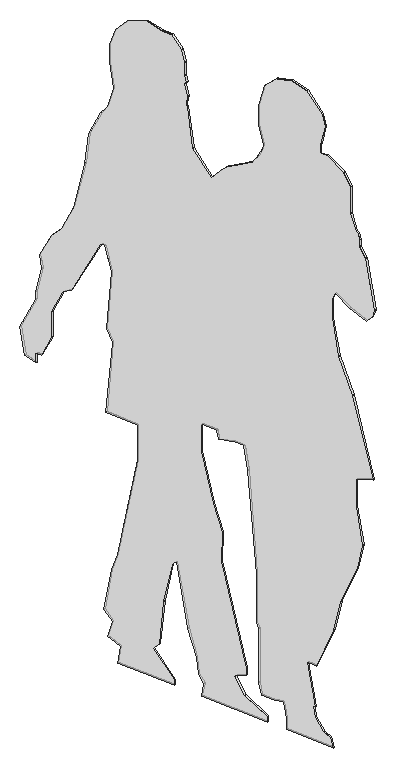
Revit family "Flat Couple 03", category Entourage, Revit 2015
Parameters
  Linework [instance] = yes
  Height = 0 mm
  Flat Material [instance] = none
Reference planes
  plane 1 "Center (Front/Back)": y = 0
  plane 2: z = 0
  plane 3 "Center (Left/Right)": x = 0
  plane 4: z = 1600
Forms (mm)
  Extrusion 1, solid, material <- "Flat Material"
    sketch origin (0, 0, 0) x (1, 0, 0) y (0, 0, 1)
      loop
        line (-380.867, 125.234) -> (-356.921, 101.289) -> (-371.2, 59.502) -> (-333.747, 45.456) -> (-342.676, 0) -> (-177.676, 0) -> (-177.676, 15) -> (-237.78, 75.104) -> (-221.132, 91.751) -> (-208.8, 204.502) -> (-183.666, 308.906) -> (-173.06, 319.513) -> (-139.2, 160.039) -> (-115.259, 94.261) -> (-110.2, 51.768) -> (-93.837, 35.405) -> (-100.791, 0) -> (88.289, 0) -> (88.289, 15) -> (23.506, 45.209) -> (-4.475, 85.169) -> (28.033, 98.174) -> (28.033, 117.5) -> (-43.632, 367.428) -> (-41.567, 442.305) -> (-65.734, 508.037) -> (-100.775, 627.9) -> (-100.775, 697.5) -> (-56.066, 697.5) -> (-51.527, 675.717) -> (-3.775, 685.667) -> (20.991, 685.667) -> (32.765, 626.789) -> (57.125, 368.985) -> (57.125, 243.848) -> (63.723, 230.947) -> (63.723, 92.899) -> (70.402, 61.44) -> (107.876, 61.44) -> (134.108, 67.009) -> (142.416, 27.881) -> (142.416, 0) -> (277.904, 0) -> (268.618, 23.212) -> (250.492, 31.664) -> (226.552, 61.44) -> (221.433, 85.55) -> (226.433, 85.55) -> (203.587, 193.151) -> (228.587, 193.151) -> (279.301, 301.908) -> (299.195, 384.547) -> (346.636, 486.283) -> (362.11, 550.566) -> (343.481, 643.721) -> (343.481, 713.721) -> (391.473, 727.751) -> (333.949, 924.515) -> (293.801, 1010.615) -> (274.422, 1103.617) -> (274.422, 1153.617) -> (283.47, 1169.288) -> (324.64, 1145.519) -> (372.705, 1128.025) -> (389.193, 1144.513) -> (396.536, 1164.688) -> (370.42, 1290.026) -> (353.213, 1314.6) -> (353.213, 1331.493) -> (349.816, 1347.793) -> (342.9, 1349.646) -> (328.129, 1390.069) -> (328.129, 1459.098) -> (307.477, 1488.592) -> (261.128, 1515.352) -> (239.825, 1515.352) -> (239.825, 1538.756) -> (241.855, 1538.269) -> (254.036, 1589.015) -> (245.915, 1615.399) -> (201.256, 1662.095) -> (158.626, 1672.246) -> (115.995, 1662.095) -> (79.455, 1631.641) -> (62.2, 1574.803) -> (62.2, 1524.057) -> (77.426, 1477.36) -> (71.335, 1461.129) -> (61.185, 1444.886) -> (61.185, 1442.856) -> (45.676, 1425.406) -> (45.676, 1421.602) -> (34.796, 1418.493) -> (-26.104, 1388.039) -> (-42.345, 1373.837) -> (-71.533, 1343.232) -> (-125.667, 1399.307) -> (-141.133, 1501.768) -> (-143.926, 1504.56) -> (-139.2, 1526.904) -> (-148.482, 1556.292) -> (-143.066, 1561.699) -> (-147.9, 1577.168) -> (-147.9, 1611.973) -> (-156.6, 1642.9) -> (-185.6, 1669.971) -> (-214.6, 1669.971) -> (-257.133, 1679.639) -> (-313.2, 1660.303) -> (-348, 1625.508) -> (-365.4, 1581.035) -> (-365.4, 1536.572) -> (-353.8, 1472.773) -> (-371.2, 1420.566) -> (-388.6, 1397.373) -> (-423.4, 1331.641) -> (-435, 1250.439) -> (-468.504, 1125.402) -> (-502.569, 1061.058) -> (-530.853, 1032.773) -> (-565.853, 972.152) -> (-558.714, 937.888) -> (-576.026, 873.276) -> (-576.026, 852.368) -> (-621.366, 766.727) -> (-606.942, 697.5) -> (-576.026, 689.216) -> (-576.026, 714.216) -> (-560.043, 714.216) -> (-529.63, 771.662) -> (-529.63, 838.576) -> (-497.901, 898.509) -> (-473.656, 912.506) -> (-388.656, 1059.731) -> (-377.122, 1059.731) -> (-359.382, 999.05) -> (-374.124, 849.776) -> (-356.024, 818.424) -> (-374.37, 632.662) -> (-283.716, 631.22) -> (-283.716, 542.832) -> (-326.733, 347.568) -> (-342.2, 279.902) -> (-359.6, 233.506) -> (-380.867, 125.234)
    from -2.5 to 2.5
Lines and regions (mm)
  model lines
    curve 1: line (0, 150, 0) -> (0, -150, 0)
    curve 2: line (-150, 0, 0) -> (150, 0, 0)
Dimensions and locks
  aligned and locked: level to plane 2
